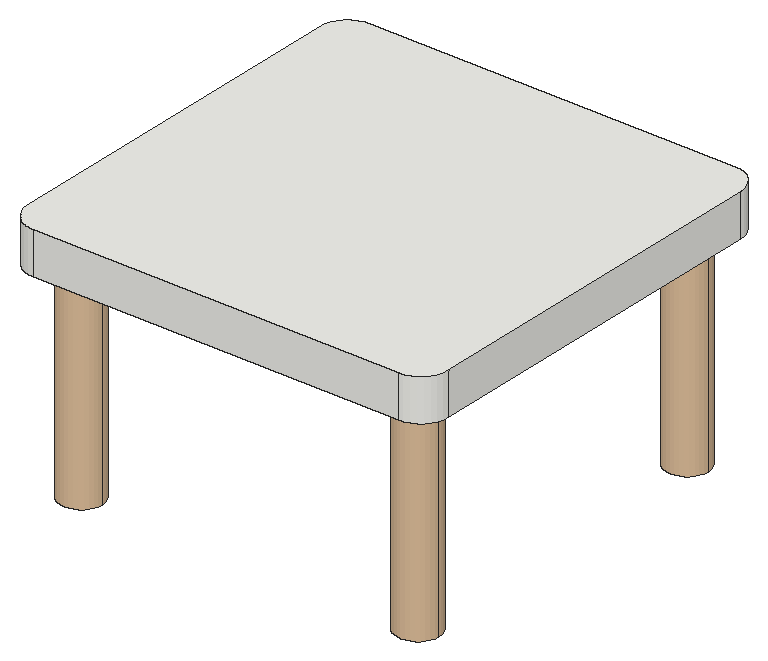
Revit family
Parameters (values of type "0762 x 0762mm")
  Base Material = Wood - Birch
  Height = 457.00 mm
  Length = 762.00 mm
  Top Material = Laminate - Ivory, Matte
  Width = 762.00 mm
Types (4, lengths in mm): name | Height | Length | Width
  (no name) | 457.00 | 762.00 | 762.00
  0610 x 0160mm | 762.00 | 610.00 | 610.00
  0762 x 0762mm | 457.00 | 762.00 | 762.00
  0610 x 0915mm | 762.00 | 610.00 | 915.00
Reference planes
  plane 1: y = 152.4
  plane 2: z = 0
  plane 3 "Left": x = 3.734
  plane 4 "Right": x = 765.734
  plane 5 "Back": y = 533.4
  plane 6 "Front": y = -228.6
  plane 7: x = 384.734
Forms (mm)
  Extrusion 1, solid, material "Laminate - Ivory, Matte" <- "Top Material"
    sketch origin (0, 0, 0) x (1, 0, 0) y (0, 1, 0)
      loop
        line (54.534, -228.6) -> (714.934, -228.6)
        arc (714.934, -228.6) -> (750.855, -213.721) -> (765.734, -177.8) r 50.8
        line (765.734, -177.8) -> (765.734, 482.6)
        arc (765.734, 482.6) -> (750.855, 518.521) -> (714.934, 533.4) r 50.8
        line (714.934, 533.4) -> (54.534, 533.4)
        arc (54.534, 533.4) -> (18.613, 518.521) -> (3.734, 482.6) r 50.8
        line (3.734, 482.6) -> (3.734, -177.8)
        arc (3.734, -177.8) -> (18.613, -213.721) -> (54.534, -228.6) r 50.8
    from 380.8 to 457
  Extrusion 2, solid, material "Wood - Birch" <- "Base Material"
    sketch origin (0, 0, 0) x (1, 0, 0) y (0, 1, 0)
      loop
        circle (79.934, 457.2) r 38.1
      loop
        circle (79.934, -152.4) r 38.1
      loop
        circle (689.534, -152.4) r 38.1
      loop
        circle (689.534, 457.2) r 38.1
    from 0 to 380.8
Lines and regions (mm)
  Masking region 1
    outline origin (0, 0, 0) x (1, 0, 0) y (0, 1, 0)
      loop
        arc (54.534, 533.4) -> (18.613, 518.521) -> (3.734, 482.6) r 50.8
        line (3.734, 482.6) -> (3.734, -177.8)
        arc (3.734, -177.8) -> (18.613, -213.721) -> (54.534, -228.6) r 50.8
        line (54.534, -228.6) -> (714.934, -228.6)
        arc (714.934, -228.6) -> (750.855, -213.721) -> (765.734, -177.8) r 50.8
        line (765.734, -177.8) -> (765.734, 482.6)
        arc (765.734, 482.6) -> (750.855, 518.521) -> (714.934, 533.4) r 50.8
        line (714.934, 533.4) -> (54.534, 533.4)
Dimensions and locks
  locked: Extrusion 1 to Extrusion 1 at 76.2
  "Height": Extrusion 1 to plane 2
  locked: Extrusion 1 to Extrusion 2 sketch curve at 76.2  (x8)
  "Width": plane 5 "Back" to plane 6 "Front"
  "Length": plane 3 "Left" to plane 4 "Right"
  equal spacing: plane 5 "Back", plane 1, plane 6 "Front"
  equal spacing: plane 3 "Left", plane 7, plane 4 "Right"
  radius of Extrusion 1 sketch curve = 50.80 mm  (x4)
  aligned and locked: plane 2 to level
  aligned and locked: plane 6 "Front" to Extrusion 1 sketch curve
  aligned and locked: Extrusion 2 to Extrusion 1
  aligned and locked: Masking region 1 sketch curve to plane 5 "Back"
  aligned and locked: plane 3 "Left" to Masking region 1 sketch curve
  aligned and locked: plane 4 "Right" to Masking region 1 sketch curve
  aligned and locked: Masking region 1 sketch curve to plane 6 "Front"
  aligned: Masking region 1 sketch curve to Extrusion 1
Automatic sketch dimensions
  Extrusion 2 sketch curve to Extrusion 2 sketch curve = 38.10 mm  (x4)
  Extrusion 1 sketch curve to plane 3 "Left" = 0.00 mm
  Extrusion 1 sketch curve to plane 4 "Right" = 0.00 mm
  Extrusion 1 sketch curve to plane 5 "Back" = 0.00 mm
  plane 3 "Left" to Masking region 1 sketch curve = 50.80 mm  (x2)
  plane 4 "Right" to Masking region 1 sketch curve = 50.80 mm  (x2)
